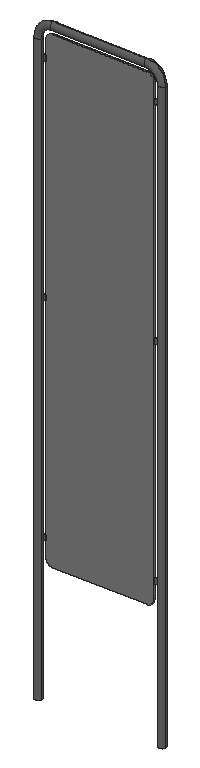
Revit family "FS_Баннер_Яуза А 0.0", category Антураж, Revit 2016
Family settings
  На основе рабочей плоскости = Нет
  Всегда вертикально = Да
  При загрузке вырезать с полостями = Нет
  Источник визуального образа = Геометрия семейства
  Общий = Нет
  Точка расчета площади = Нет
Parameters (values of type "Стелла входная «Яуза» А 0.0")
  Стоимость = 63000
  Материал таблички = FS_Краска
  Комментарии к типоразмеру = "Материал: сталь"  # constant formula
  Изготовитель = "ООО 'Хоббика'"  # constant formula
  Высота = 0 mm  # constant formula
  URL = "https://hobbyka.ru/product/ukazatel_yauza_a10/?sphrase_id=90310"
  ADSK_Размер_Ширина = 850 mm  # constant formula
  ADSK_Размер_Высота = 4350 mm  # constant formula
  ADSK_Наименование = "Стелла входная «Яуза» А 0.0"
  ADSK_Материал = FS_Сталь
  ADSK_Код изделия = "11071"  # constant formula
Reference planes
  plane 1 "По центру (Вперед/Назад)": y = 0
  plane 2: z = 0
  plane 3 "По центру (Влево/Вправо)": x = 0
Forms (mm)
  Sweep 1, solid, material "FS_Сталь" <- "ADSK_Материал"
    path origin (0, 0, 0) x (1, 0, 0) y (0, 0, 1)
      loop
        line (440, 0) -> (440, 4220)
        arc (440, 4220) -> (409.246, 4294.246) -> (335, 4325) r 105
        line (335, 4325) -> (-335, 4325)
        arc (-335, 4325) -> (-409.246, 4294.246) -> (-440, 4220) r 105
        line (-440, 4220) -> (-440, 0)
    profile "Профиль_Круг : D50" origin (-440, 0, 2110) x (1, 0, 0) y (0, -1, 0)
      loop
        circle (0, 0) r 25
  Extrusion 2, solid, material "FS_Сталь" <- "ADSK_Материал"
    sketch origin (0, 0, 0) x (1, 0, 0) y (0, 0, 1)
      loop
        line (-385, 1020) -> (-385, 1060) -> (-440, 1060) -> (-440, 1020) -> (-385, 1020)
      loop
        line (-385, 2550) -> (-385, 2590) -> (-440, 2590) -> (-440, 2550) -> (-385, 2550)
      loop
        line (-385, 4120) -> (-440, 4120) -> (-440, 4080) -> (-385, 4080) -> (-385, 4120)
      loop
        line (385, 1020) -> (440, 1020) -> (440, 1060) -> (385, 1060) -> (385, 1020)
      loop
        line (385, 2550) -> (440, 2550) -> (440, 2590) -> (385, 2590) -> (385, 2550)
      loop
        line (385, 4120) -> (385, 4080) -> (440, 4080) -> (440, 4120) -> (385, 4120)
    from -2 to 2
  Extrusion 3, solid, material "FS_Краска" <- "Материал таблички"
    sketch origin (0, 0, 0) x (1, 0, 0) y (0, 0, 1)
      loop
        line (335, 4270) -> (-335, 4270)
        arc (-335, 4270) -> (-370.355, 4255.355) -> (-385, 4220) r 50
        line (-385, 4220) -> (-385, 920)
        arc (-385, 920) -> (-370.355, 884.645) -> (-335, 870) r 50
        line (-335, 870) -> (335, 870)
        arc (335, 870) -> (370.355, 884.645) -> (385, 920) r 50
        line (385, 920) -> (385, 4220)
        arc (385, 4220) -> (370.355, 4255.355) -> (335, 4270) r 50
    from -4 to 4
Cuts and joins
  joined: Sweep 1, Extrusion 2
Dimensions and locks
  aligned and locked: level to plane 2
